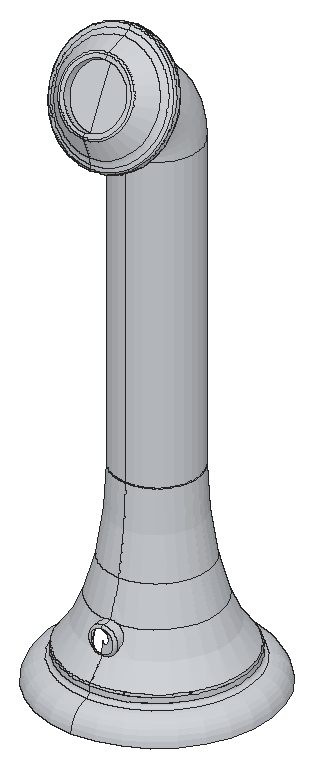
Revit family "Faucet-Wall_Mount_Bath_Spout-KOHLER-Artifacts-K-72792", category Plumbing Fixtures, host Face, Revit 2015
Parameters (values of type "CP-Polished Chrome")
  Width = 3"  # constant formula
  Waste Water Outlet = "Waste Water Outlet"  # constant formula
  Waste Connection = 1 = 0  # no
  Vent Connection = 1 = 0  # no
  URL = "https://www.us.kohler.com/us/"
  Type = 1
  Tempered Water Inlet = "Tempered Water Inlet"  # constant formula
  Spout Reach = 7 13/16"  # constant formula
  Product Page URL = "http://www.us.kohler.com/us/catalog/productDetails.jsp?productNumber=72792"
  Product Name = "Artifacts"  # constant formula
  Product Documentation Link = "http://www.us.kohler.com/onlinecatalog/pdf/K-72792_spec.pdf"
  Pressure = 0.00 psi
  Model = if(Type = 1, "K-72792-CP", if(Type = 2, "K-72792-SN", if(Type = 3, "K-72792-BN", if(Type = 4, "K-72792-BV", if(Type = 5, "K-72792-2BZ", if(Type = 6, "K-72792-VNT", "NA"))))))  # "K-72792-CP"
  Material = "Metal construction"  # constant formula
  MasterFormat 2004 = "22.41.39"  # constant formula
  MasterFormat 1995 = "15410"  # constant formula
  Manufacturer Address = "444 Highland Dr, Kohler, WI 53044"  # constant formula
  Manufacturer = "KOHLER Co."  # constant formula
  Length = 8 7/16"  # constant formula
  Hot Water Inlet = "Tempered Water Inlet"  # constant formula
  Height = 3"  # constant formula
  HW Connection = 1 = 1  # yes
  Flow Rate = 0 GPM
  Finish = Kohler-Metal-CP-Polished_Chrome
  Environmental Product Declaration = ""
  Drain Included = 1 = 0  # no
  Description = "Wall-mount bath spout with turned design "  # constant formula
  Default Elevation = 36"
  Declare Label = ""
  Date Modified = "10/29/2018"  # constant formula
  Date Created = "10/29/2018"  # constant formula
  Copyright = "Copyright KOHLER Co."  # constant formula
  Contact Us = "https://www.us.kohler.com/us/static/contact.jsp"
  Cold Water Inlet = "Cold Water Inlet"  # constant formula
  CW Connection = 1 = 0  # no
  Assembly Code = "D2010"
  ADA Compliant = 1 = 0  # no
Types (7): name | Type | Model | Finish
  (no name) | 1 | "K-72792-CP" | Kohler-Metal-CP-Polished_Chrome
  CP-Polished Chrome | 1 | "K-72792-CP" | Kohler-Metal-CP-Polished_Chrome
  SN-Vibrant Polished Nickel | 2 | "K-72792-SN" | Kohler-Metal-SN-Vibrant_Polished_Nickel
  BN-Vibrant Brushed Nickel | 3 | "K-72792-BN" | Kohler-Metal-BN-Vibrant_Brushed_Nickel
  BV-Vibrant Brushed Bronze | 4 | "K-72792-BV" | Kohler-Metal-BV-Brushed_Bronze
  2BZ-Oil Rubbed Bronze | 5 | "K-72792-2BZ" | Kohler-Metal-2BZ-Oil_Rubbed_Bronze
  VNT-Vintage Nickel | 6 | "K-72792-VNT" | Kohler-Metal-VNT-Vintage_Nickel
Reference planes (in)
  plane 1 "Center (Front/Back)": y = 0
  plane 2: z = 0
  plane 3 "Center (Left/Right)": x = 0
  plane 4: z = 7.8125
  plane 5: y = 1.5
  plane 6: y = -1.5
  plane 7: x = -1.5
  plane 8: x = 1.5
  plane 9: z = 8.4375
Dimensions and locks (in)
  "Height": plane 5 to plane 6
  "Width": plane 7 to plane 8
  "Length": level to plane 9
  "Spout Reach": level to plane 4
  aligned and locked: plane 2 to host face
  aligned and locked: level to host face
Automatic sketch dimensions
  host sketch curve to host sketch curve = 96"  (x2)
Nested families (in)
  nested 1: "K-72792" at (0, 0, 0), type "K-72792"
Connectors (in)
  piping at (0, 0, 0), diameter 0.5, driven by "Flow Rate", driven by "Pressure", driven by "Tempered Water Inlet", driven by "HW Connection"
    settings: on nested 1, index 1, connector inside diameter 24", connector length 0", flow factor 0, pipe flow 0 GPM, pressure drop 0.00 psi, fitting loss kfactor 0, connector angle 0.00°, fixture units 0, engagement length 0", angle of deflection 0.00°, flow configuration 1, flow direction 1, fitting loss method 4, system type 19, joint type 0, gender type 0, connector reference index -1, connector utility 1, adjustable connector no, is connector primary yes, connector description "Tempered Water Inlet"
Definition of nested family "K-72792"
  Parameters (values of type "K-72792")
    Material = none
  Reference planes (in)
    plane 1 "Center (Front/Back)": y = 0
    plane 2: z = 0
    plane 3 "Center (Left/Right)": x = 0
    plane 4: z = 7.8125
    plane 5: y = 1.5
    plane 6: y = -1.5
    plane 7: x = -1.5
    plane 8: x = 1.5
    plane 9: z = 8.4375
  Forms (in)
    Revolve 1, solid, material <- "Material", detail levels medium+fine
      sketch origin (0, 0, 0) x (0, 1, 0) y (0, 0, 1)
        loop
          line (0, 0.4837) -> (0, 0) -> (1.5, 0)
          arc (1.5, 0) -> (1.42135, 0.21177) -> (1.22361, 0.32099) r 0.32471
          arc (1.22361, 0.32099) -> (1.18711, 0.34115) -> (1.17261, 0.38024) r 0.05992
          line (1.17261, 0.38024) -> (1.17261, 0.45259)
          arc (1.17261, 0.45259) -> (1.16968, 0.46915) -> (1.16125, 0.4837) r 0.04827
          line (1.16125, 0.4837) -> (0, 0.4837)
        axis (0, 0.4837) -> (0, 0)
      angle from 0 to 360
    Blend 2, solid, material <- "Material", detail levels medium+fine
      base sketch origin (0, 0, 0) x (1, 0, 0) y (0, 1, 0)
        loop
          circle (0, 0) r 1.16125
      top sketch origin (0, 0, 0) x (1, 0, 0) y (0, 1, 0)
        loop
          circle (0, -0.0024) r 0.84944
      from 0.4837 to 2.73424
    Sweep 3, void, detail levels medium+fine
      path origin (0, 0, 0) x (1, 0, 0) y (0, 1, 0)
        loop
          circle (0, 0) r 1.16125
      profile origin (0, 1.16125, 0) x (0, 1, 0) y (0, 0, 1)
        loop
          arc (-0.61361, 2.725) -> (-0.58251, 2.15828) -> (-0.4896, 1.59836) r 5.17966
          arc (-0.4896, 1.59836) -> (-0.42756, 1.34923) -> (-0.35326, 1.10349) r 5.17966
          arc (-0.35326, 1.10349) -> (-0.20766, 0.77591) -> (0, 0.4837) r 1.79873
          line (0, 0.4837) -> (0.13639, 0.4837) -> (0.13639, 2.79482) -> (-0.61361, 2.79482) -> (-0.61361, 2.725)
    Sweep 4, solid, material <- "Material", detail levels medium+fine
      path origin (0, 0, 0) x (0, 1, 0) y (0, 0, 1)
        loop
          line (0, 2.73424) -> (0, 6.82383)
          arc (0, 6.82383) -> (-0.11396, 7.22127) -> (-0.42122, 7.49792) r 0.75
      profile origin (0, 0, 2.73424) x (0, -1, 0) y (1, 0, 0)
        loop
          circle (0, 0) r 0.54764
    Revolve 5, solid, material <- "Material", detail levels medium+fine
      sketch origin (0, 0, 0) x (0, 1, 0) y (0, 0, 1)
        loop
          line (-0.97828, 7.76962) -> (-0.42122, 7.49792) -> (-0.18115, 7.99013)
          arc (-0.18115, 7.99013) -> (-0.19386, 8.06317) -> (-0.24412, 8.11766) r 0.1312
          arc (-0.24412, 8.11766) -> (-0.27242, 8.13999) -> (-0.2941, 8.16879) r 0.14039
          arc (-0.2941, 8.16879) -> (-0.3173, 8.22416) -> (-0.32674, 8.28345) r 0.2516
          arc (-0.32674, 8.28345) -> (-0.329, 8.33237) -> (-0.33204, 8.38125) r 3.06223
          arc (-0.33204, 8.38125) -> (-0.33709, 8.39591) -> (-0.3488, 8.40608) r 0.02997
          line (-0.3488, 8.40608) -> (-0.40414, 8.43308)
          arc (-0.40414, 8.43308) -> (-0.42001, 8.43586) -> (-0.43494, 8.42977) r 0.02913
          arc (-0.43494, 8.42977) -> (-0.45866, 8.41085) -> (-0.48215, 8.39165) r 2.57216
          arc (-0.48215, 8.39165) -> (-0.52095, 8.36513) -> (-0.56393, 8.34613) r 0.25695
          arc (-0.56393, 8.34613) -> (-0.70055, 8.30239) -> (-0.8384, 8.26273) r 4.81988
          arc (-0.8384, 8.26273) -> (-0.85208, 8.25564) -> (-0.86162, 8.24352) r 0.03647
          line (-0.86162, 8.24352) -> (-0.88729, 8.19088) -> (-0.79482, 8.14578) -> (-0.97828, 7.76962)
        axis (-1.07076, 7.81472) -> (-0.42122, 7.49792)
      angle from 0 to 360
    Revolve 6, solid, material <- "Material", detail levels medium+fine
      sketch origin (0, 0, 0) x (0, 1, 0) y (0, 0, 1)
        loop
          line (-0.57192, 0.92195) -> (-0.57192, 1.1977)
          arc (-0.57192, 1.1977) -> (-0.74785, 1.13674) -> (-0.93253, 1.11298) r 0.90733
          arc (-0.93253, 1.11298) -> (-0.95457, 1.10523) -> (-0.96315, 1.0835) r 0.02813
          line (-0.96315, 1.0835) -> (-0.95468, 0.92195) -> (-0.57192, 0.92195)
        axis (-0.96315, 0.92195) -> (-0.57192, 0.92195)
      angle from 0 to 360
    Revolve 7, solid, material <- "Material", detail levels coarse
      sketch origin (0, 0, 0) x (0, 1, 0) y (0, 0, 1)
        loop
          line (0, 0) -> (1.5, 0) -> (1.5, 0.62231) -> (0.75, 0.62231) -> (0.75, 1.99893) -> (0, 1.99893) -> (0, 0)
        axis (0, 1.99893) -> (0, 0)
      angle from 0 to 360
    Sweep 8, solid, material <- "Material", detail levels coarse
      path origin (0, 0, 0) x (0, 1, 0) y (0, 0, 1)
        loop
          line (0, 1.99893) -> (0, 6.65875)
          arc (0, 6.65875) -> (-0.17605, 7.24369) -> (-0.6457, 7.6343) r 1.0598
          line (-0.6457, 7.6343) -> (-1.07076, 7.81472)
      profile origin (0, 0, 4.32884) x (0, -1, 0) y (1, 0, 0)
        loop
          circle (0, 0) r 0.75
    Extrusion 9, solid, material <- "Material", detail levels medium+fine
      sketch origin (0, 0, 0) x (1, 0, 0) y (0, 1, 0)
        loop
          circle (0, 0) r 0.15202
      from 0 to 0.07282
  Cuts and joins
    Sweep 3 cuts Blend 2
    joined: Revolve 1, Blend 2, Sweep 4, Revolve 5, Revolve 6
    joined: Revolve 7, Sweep 8
  Lines and regions (in)
    Masking region 1
      outline origin (0, 0, 0) x (0, 1, 0) y (0, 0, 1)
        loop
          line (1.17261, 0.38024) -> (1.17261, 0.45259)
          arc (1.17261, 0.45259) -> (1.16968, 0.46915) -> (1.16125, 0.4837) r 0.04827
          arc (1.16125, 0.4837) -> (0.89208, 0.89662) -> (0.73124, 1.36255) r 2.01441
          arc (0.73124, 1.36255) -> (0.59376, 2.02564) -> (0.54764, 2.70126) r 4.97234
          line (0.54764, 2.70126) -> (0.54764, 6.8296)
          arc (0.54764, 6.8296) -> (0.35033, 7.5148) -> (-0.18115, 7.99013) r 1.28841
          arc (-0.18115, 7.99013) -> (-0.19386, 8.06317) -> (-0.24412, 8.11766) r 0.1312
          arc (-0.24412, 8.11766) -> (-0.27242, 8.13999) -> (-0.2941, 8.16879) r 0.14039
          arc (-0.2941, 8.16879) -> (-0.3173, 8.22416) -> (-0.32674, 8.28345) r 0.2516
          arc (-0.32674, 8.28345) -> (-0.329, 8.33237) -> (-0.33204, 8.38125) r 3.06223
          arc (-0.33204, 8.38125) -> (-0.33709, 8.39591) -> (-0.3488, 8.40608) r 0.02997
          line (-0.3488, 8.40608) -> (-0.40453, 8.43327)
          arc (-0.40453, 8.43327) -> (-0.42018, 8.4375) -> (-0.43457, 8.43006) r 0.02237
          arc (-0.43457, 8.43006) -> (-0.45848, 8.41099) -> (-0.48215, 8.39165) r 2.57216
          arc (-0.48215, 8.39165) -> (-0.52095, 8.36513) -> (-0.56393, 8.34613) r 0.25695
          arc (-0.56393, 8.34613) -> (-0.70055, 8.30239) -> (-0.8384, 8.26273) r 4.81988
          arc (-0.8384, 8.26273) -> (-0.85208, 8.25564) -> (-0.86162, 8.24352) r 0.03647
          line (-0.86162, 8.24352) -> (-1.07076, 7.81472) -> (-1.2799, 7.38592)
          arc (-1.2799, 7.38592) -> (-1.28357, 7.37095) -> (-1.28074, 7.3558) r 0.03647
          arc (-1.28074, 7.3558) -> (-1.22712, 7.22276) -> (-1.17748, 7.08817) r 4.81988
          arc (-1.17748, 7.08817) -> (-1.16599, 7.04261) -> (-1.163, 6.99571) r 0.25695
          arc (-1.163, 6.99571) -> (-1.16367, 6.96537) -> (-1.16397, 6.93503) r 2.57216
          arc (-1.16397, 6.93503) -> (-1.15958, 6.91952) -> (-1.14761, 6.90872) r 0.02913
          line (-1.14761, 6.90872) -> (-1.09227, 6.88173)
          arc (-1.09227, 6.88173) -> (-1.07705, 6.87877) -> (-1.06238, 6.88382) r 0.02997
          arc (-1.06238, 6.88382) -> (-1.02199, 6.91151) -> (-0.98205, 6.93985) r 3.06223
          arc (-0.98205, 6.93985) -> (-0.92952, 6.96892) -> (-0.87161, 6.98472) r 0.2516
          arc (-0.87161, 6.98472) -> (-0.83556, 6.98537) -> (-0.80055, 6.97682) r 0.14039
          arc (-0.80055, 6.97682) -> (-0.72666, 6.97076) -> (-0.66129, 7.00571) r 0.1312
          arc (-0.66129, 7.00571) -> (-0.57839, 6.93118) -> (-0.54764, 6.82403) r 0.20205
          line (-0.54764, 6.82403) -> (-0.54764, 2.72422)
          arc (-0.54764, 2.72422) -> (-0.54966, 2.57412) -> (-0.55571, 2.42413) r 5.58283
          arc (-0.55571, 2.42413) -> (-0.60544, 1.94321) -> (-0.70224, 1.4695) r 4.90949
          arc (-0.70224, 1.4695) -> (-0.74902, 1.29705) -> (-0.80063, 1.12599) r 6.34826
          arc (-0.80063, 1.12599) -> (-0.86876, 1.11664) -> (-0.93742, 1.1129) r 0.84018
          arc (-0.93742, 1.1129) -> (-0.95567, 1.10511) -> (-0.96317, 1.08675) r 0.0261
          line (-0.96317, 1.08675) -> (-0.96242, 0.7602)
          arc (-0.96242, 0.7602) -> (-1.05757, 0.61889) -> (-1.16125, 0.4837) r 2.76553
          arc (-1.16125, 0.4837) -> (-1.16968, 0.46915) -> (-1.17261, 0.45259) r 0.04827
          line (-1.17261, 0.45259) -> (-1.17261, 0.38024)
          arc (-1.17261, 0.38024) -> (-1.18711, 0.34115) -> (-1.22361, 0.32099) r 0.05992
          arc (-1.22361, 0.32099) -> (-1.42135, 0.21177) -> (-1.5, 0) r 0.32471
          line (-1.5, 0) -> (1.5, 0)
          arc (1.5, 0) -> (1.42135, 0.21177) -> (1.22361, 0.32099) r 0.32471
          arc (1.22361, 0.32099) -> (1.18711, 0.34115) -> (1.17261, 0.38024) r 0.05992
    Masking region 2
      outline origin (0, 0, 0) x (1, 0, 0) y (0, 0, 1)
        loop
          arc (-1.17261, 0.38024) -> (-1.18711, 0.34115) -> (-1.22361, 0.32099) r 0.05992
          arc (-1.22361, 0.32099) -> (-1.42135, 0.21177) -> (-1.5, 0) r 0.32471
          line (-1.5, 0) -> (1.5, 0)
          arc (1.5, 0) -> (1.42135, 0.21177) -> (1.22361, 0.32099) r 0.32471
          arc (1.22361, 0.32099) -> (1.18711, 0.34115) -> (1.17261, 0.38024) r 0.05992
          line (1.17261, 0.38024) -> (1.17261, 0.45259)
          arc (1.17261, 0.45259) -> (1.16968, 0.46915) -> (1.16125, 0.4837) r 0.04827
          arc (1.16125, 0.4837) -> (0.934, 0.80682) -> (0.78568, 1.17295) r 1.73614
          arc (0.78568, 1.17295) -> (0.68715, 1.56109) -> (0.60601, 1.95323) r 8.98521
          arc (0.60601, 1.95323) -> (0.56226, 2.27223) -> (0.54764, 2.59388) r 3.54449
          line (0.54764, 2.59388) -> (0.54764, 7.06215)
          arc (0.54764, 7.06215) -> (0.79813, 7.39629) -> (0.83224, 7.8125) r 0.75356
          arc (0.83224, 7.8125) -> (0.52602, 8.27133) -> (0, 8.4375) r 0.83142
          arc (0, 8.4375) -> (-0.52618, 8.27123) -> (-0.83291, 7.8125) r 0.8328
          arc (-0.83291, 7.8125) -> (-0.79709, 7.39671) -> (-0.54764, 7.06215) r 0.762
          line (-0.54764, 7.06215) -> (-0.54764, 2.59388)
          arc (-0.54764, 2.59388) -> (-0.56226, 2.27223) -> (-0.60601, 1.95323) r 3.54449
          arc (-0.60601, 1.95323) -> (-0.68715, 1.56109) -> (-0.78568, 1.17295) r 8.98521
          arc (-0.78568, 1.17295) -> (-0.934, 0.80682) -> (-1.16125, 0.4837) r 1.73614
          arc (-1.16125, 0.4837) -> (-1.16968, 0.46915) -> (-1.17261, 0.45259) r 0.04827
          line (-1.17261, 0.45259) -> (-1.17261, 0.38024)
    Masking region 3
      outline origin (0, 0, 0) x (1, 0, 0) y (0, 1, 0)
        loop
          circle (0, 0) r 1.5
    symbolic lines, detail levels medium+fine
      curve 1: line (0, -1.09227, 6.88173) -> (0, -0.3488, 8.40608)
      curve 2: line (0, -0.40414, 8.43308) -> (0, -1.14761, 6.90872)
      curve 3: line (0, -0.18115, 7.99013) -> (0, -0.66129, 7.00571)
      curve 4: line (0, 1.17261, 0.45259) -> (0, -1.17261, 0.45259)
      curve 5: line (0, 1.17261, 0.38024) -> (0, -1.17261, 0.38024)
      curve 6: line (-1.17261, 0, 0.38024) -> (1.17261, 0, 0.38024)
      curve 7: line (-1.17261, 0, 0.45259) -> (1.17261, 0, 0.45259)
      curve 8: arc (0.8467, -0.79473, 0) -> (0, 1.16125, 0) -> (-0.8467, -0.79473, 0) r 1.16125
      curve 9: line (-0.54783, 0, 0) -> (-0.54783, -0.3442, 0)
      curve 10: line (0.54783, 0, 0) -> (0.54783, -0.3442, 0)
      curve 11: arc (-0.54783, 0, 0) -> (0, 0.54783, 0) -> (0.54783, 0, 0) r 0.54783
      curve 12: arc (-0.70638, -0.502, 0) -> (-0.55966, -0.42627, 0) -> (-0.40125, -0.37971, 0) r 0.86741
      curve 13: arc (-0.81263, -0.60727, 0) -> (-0.76502, -0.54906, 0) -> (-0.70638, -0.502, 0) r 0.36056
      curve 14: arc (-0.84697, -0.71038, 0) -> (-0.83653, -0.65658, 0) -> (-0.81263, -0.60727, 0) r 0.21167
      curve 15: arc (-0.8462, -0.80152, 0) -> (-0.84819, -0.75596, 0) -> (-0.84697, -0.71038, 0) r 0.64782
      curve 16: arc (-0.82729, -0.86202, 0) -> (-0.84015, -0.83283, 0) -> (-0.8462, -0.80152, 0) r 0.14269
      curve 17: arc (-0.68762, -1.00701, 0) -> (-0.76619, -0.94293, 0) -> (-0.82729, -0.86202, 0) r 0.42372
      curve 18: arc (-0.54108, -1.07784, 0) -> (-0.61637, -1.0466, 0) -> (-0.68762, -1.00701, 0) r 0.71558
      curve 19: arc (0.70638, -0.502, 0) -> (0.59508, -0.44139, 0) -> (0.47614, -0.39764, 0) r 0.86741
      curve 20: arc (0.81263, -0.60727, 0) -> (0.76502, -0.54906, 0) -> (0.70638, -0.502, 0) r 0.36056
      curve 21: arc (0.84697, -0.71038, 0) -> (0.83653, -0.65658, 0) -> (0.81263, -0.60727, 0) r 0.21167
      curve 22: arc (0.8462, -0.80152, 0) -> (0.84819, -0.75596, 0) -> (0.84697, -0.71038, 0) r 0.64782
      curve 23: arc (0.82729, -0.86202, 0) -> (0.84015, -0.83283, 0) -> (0.8462, -0.80152, 0) r 0.14269
      curve 24: arc (0.68762, -1.00701, 0) -> (0.76619, -0.94293, 0) -> (0.82729, -0.86202, 0) r 0.42372
      curve 25: arc (0.54108, -1.07784, 0) -> (0.61637, -1.0466, 0) -> (0.68762, -1.00701, 0) r 0.71558
      curve 26: arc (-0.4702, -0.28702, 0) -> (-0.55956, -0.35657, 0) -> (-0.61926, -0.4528, 0) r 0.32142
      curve 27: arc (-0.25648, -0.20716, 0) -> (-0.36587, -0.24031, 0) -> (-0.4702, -0.28702, 0) r 0.90278
      curve 28: arc (0, -0.18115, 0) -> (-0.12909, -0.18582, 0) -> (-0.25648, -0.20716, 0) r 0.9954
      curve 29: arc (0.4702, -0.28702, 0) -> (0.55956, -0.35657, 0) -> (0.61926, -0.4528, 0) r 0.32142
      curve 30: arc (0.25648, -0.20716, 0) -> (0.36587, -0.24031, 0) -> (0.4702, -0.28702, 0) r 0.90278
      curve 31: arc (0, -0.18115, 0) -> (0.12909, -0.18582, 0) -> (0.25648, -0.20716, 0) r 0.9954
      curve 32: spline (0.54764, 0, 7.49792) -> (0.52898, 0, 7.62532) -> (0.47427, 0, 7.74403) -> (0.38724, 0, 7.84597) -> (0.27382, 0, 7.92419) -> (0.14174, 0, 7.97336) -> (0, 0, 7.99013) -> (-0.14174, 0, 7.97336) -> (-0.27382, 0, 7.92419) -> (-0.38724, 0, 7.84597) -> (-0.47427, 0, 7.74403) -> (-0.52898, 0, 7.62532) -> (-0.54764, 0, 7.49792)
      curve 33: line (0.54764, 0, 7.06215) -> (0.54764, 0, 7.49792)
      curve 34: line (-0.54764, 0, 7.06215) -> (-0.54764, 0, 7.49792)
      curve 35: arc (0.64783, 0, 7.72607) -> (0.63901, 0, 7.4915) -> (0.54764, 0, 7.27529) r 0.65151
      curve 36: arc (-0.64783, 0, 7.72607) -> (-0.63901, 0, 7.4915) -> (-0.54764, 0, 7.27529) r 0.65151
      curve 37: arc (-0.33851, -1.22393, 0) -> (0, -1.28362, 0) -> (0.33851, -1.22393, 0) r 0.98976
      curve 38: line (-0.57266, -1.04941, 0) -> (-0.45971, -1.15111, 0)
      curve 39: arc (-0.45971, -1.15111, 0) -> (-0.40262, -1.19335, 0) -> (-0.33851, -1.22393, 0) r 0.3705
      curve 40: line (0.57266, -1.04941, 0) -> (0.45971, -1.15111, 0)
      curve 41: arc (0.45971, -1.15111, 0) -> (0.40262, -1.19335, 0) -> (0.33851, -1.22393, 0) r 0.3705
      curve 42: spline (0.41851, -1.07076, 0) -> (0.40425, -1.11824, 0) -> (0.36244, -1.16249, 0) -> (0.29593, -1.20049, 0) -> (0.20926, -1.22964, 0) -> (0.10832, -1.24797, 0) -> (0, -1.25422, 0) -> (-0.10832, -1.24797, 0) -> (-0.20926, -1.22964, 0) -> (-0.29593, -1.20049, 0) -> (-0.36244, -1.16249, 0) -> (-0.40425, -1.11824, 0) -> (-0.41851, -1.07076, 0) -> (-0.40425, -1.02327, 0) -> (-0.36244, -0.97903, 0) -> (-0.29593, -0.94103, 0) -> (-0.20926, -0.91187, 0) -> (-0.10832, -0.89354, 0) -> (0, -0.88729, 0) -> (0.10832, -0.89354, 0) -> (0.20926, -0.91187, 0) -> (0.29593, -0.94103, 0) -> (0.36244, -0.97903, 0) -> (0.40425, -1.02327, 0) -> (0.41851, -1.07076, 0)
      curve 43: spline (0.40347, -1.02703, 0) -> (0.36966, -1.0643, 0) -> (0.31819, -1.09746, 0) -> (0.25151, -1.12492, 0) -> (0.17281, -1.14538, 0) -> (0.08585, -1.15784, 0) -> (-0.00521, -1.16173, 0) -> (-0.09602, -1.15685, 0) -> (-0.18225, -1.14344, 0) -> (-0.25976, -1.12213, 0) -> (-0.32486, -1.09395, 0) -> (-0.37443, -1.06024, 0) -> (-0.40611, -1.02261, 0)
  Dimensions and locks (in)
    level to plane 4 = 7 13/16"
    plane 5 to plane 1 "Center (Front/Back)" = 1 1/2"
    plane 7 to plane 3 "Center (Left/Right)" = 1 1/2"
    plane 9 to level = 8 7/16"
    aligned and locked: plane 2 to level
